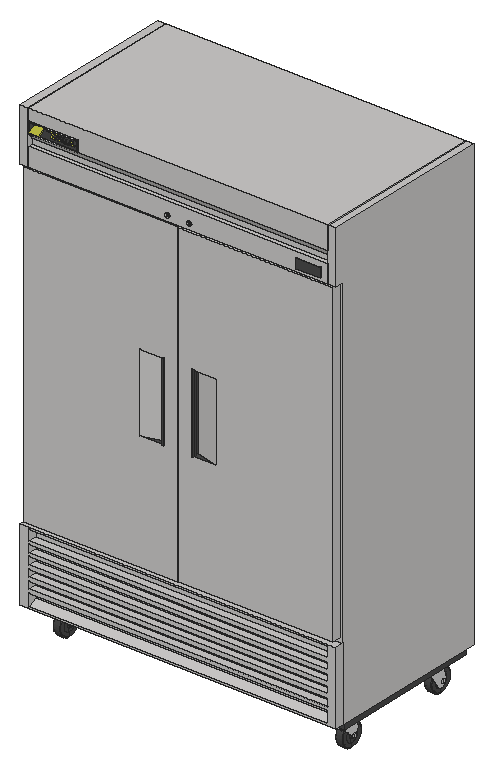
Revit family "QF_TRUE_T-49-HC_cat", category Specialty Equipment, Revit 2014
Parameters
  Width = 54 1/8"
  Weight = "400"
  Watts = Volts * FL Amps  # 1104 W
  Volts = 115 V
  URL Manufacturer = "www.truemfg.com"
  URL Cutsheet = "www.truemfg.com"
  URL = "www.truemfg.com"
  Type Mark [instance] = ""
  Type Comments = "www.truemfg.com"
  Status [instance] = ""
  Specification by User [instance] = ""
  Specification by Manufacturer = ""
  Show Seismic Flanged [instance] = no
  Show Logo [instance] = yes
  Show Legs [instance] = no
  Show Clearance [instance] = yes
  Serial Number = ""
  Seismic Rating = ""
  Seismic Plate [instance] = and(Show Seismic Flanged, not(Show Casters))  # no
  SMACNA No = ""
  Revision Code [instance] = ""
  Phase = 1
  Omniclass Number and Title = ""
  Number of Poles [instance] = 1
  NAFEM Spec ID Number = ""
  Model = "T-49-HC"
  Min Ckt Ampacity = 0 A
  Max Overcurrent Protection = 0 A
  MasterSpec. = ""
  Manufacturer = "TRUE FOOD SERVICE EQUIPMENT, INC."
  Legs [instance] = or(Show Legs, Show Seismic Flanged)  # no
  Item Number [instance] = ""
  Installed By [instance] = ""
  Identify Quantity as Lot [instance] = yes
  Height = 83 5/16"
  HP = "1/2"
  Furnished By [instance] = ""
  Foodservice Equipment Identifier [instance] = yes
  FL Amps = 9.6 A
  Electrical Remarks [instance] = "230-240/50/1"
  Electric Connection Type [instance] = ""
  Elec Conn RI Height [instance] = 0"
  Elec Conn Connection Height [instance] = 0"
  Description = "REACH-IN SOLID SWING DOOR REFRIGERATOR WITH HYDROCARBON REFRIGERANT"
  Depth = 29 1/2"
  Cycle = 60 Hz
  Conn Plug = "NEMA-5-15P"
  Conn Conduit = yes
  Show Casters [instance] = and(not(Show Legs), not(Show Seismic Flanged))  # yes
  CSI MasterFormat = ""
  CSI Master Format = ""
  Body Finish = QF_Finishes_Stainless Steel
  Base Height [instance] = if(Show Casters, 5", 6")  # 5"
  Apparent Power = if(Phase = 3, Volts * FL Amps * 1.73, Volts * FL Amps)  # 1104 VA
Reference planes (in)
  plane 1 "BACK": y = 0
  plane 2: z = 0
  plane 3 "LEFT": x = 0
  plane 4 "RIGHT": x = 54.125
  plane 5 "x": y = -31.09375
  plane 6 "TOP": z = 84.3125
  plane 7: z = 5
  plane 8 "FRONT": y = -29.5
  plane 9: z = 83.3125
Forms (in)
  Revolve 1, solid, material "QF_Finishes_Black", visible <- "Show Casters"
    sketch origin (53.28125, -23.20176, 0.5) x (-1, 0, 0) y (0, 0, -1)
      loop
        line (1.475, -3.5) -> (2.525, -3.5) -> (2.62908, -3.39592) -> (2.62908, -2.79941) -> (2.46399, -2.79941) -> (2.46399, -2.04941) -> (2.62908, -2.04941) -> (2.62908, -1.79941) -> (3.025, -1.79941) -> (3.025, -1.5) -> (0.975, -1.5) -> (0.975, -1.79941) -> (1.375, -1.79941) -> (1.375, -2.04941) -> (1.53601, -2.04941) -> (1.53601, -2.79941) -> (1.375, -2.79941) -> (1.375, -3.4) -> (1.475, -3.5)
      axis (3.025, -1.5) -> (0.975, -1.5)
    angle from 0 to 360
  Extrusion 2, solid, material "QF_Finishes_Handrails and Railings", visible <- "Show Casters"
    sketch origin (53.28125, -2.93273, 0.00141) x (0, 1, 0) y (0, 0, -1)
      loop
        line (-22.72048, -4.36074) -> (-19.97048, -4.36074) -> (-19.32266, -3.00185)
        arc (-19.32266, -3.00185) -> (-19.76408, -2.15178) -> (-20.72128, -2.18736) r 0.8952
        line (-20.72128, -2.18736) -> (-22.47048, -3.75589) -> (-22.72048, -3.75589) -> (-22.72048, -4.36074)
      loop
        line (-3.8577, -4.36074) -> (-1.1077, -4.36074) -> (-0.49013, -2.16805)
        arc (-0.49013, -2.16805) -> (-0.83033, -1.19773) -> (-1.8585, -1.18736) r 0.8952
        line (-1.8585, -1.18736) -> (-3.6077, -3.75589) -> (-3.8577, -3.75589) -> (-3.8577, -4.36074)
    from 1.175 to 1.325
  Extrusion 3, solid, material "QF_Finishes_Handrails and Railings", visible <- "Show Casters"
    sketch origin (51.78125, -2.93273, 0.00141) x (0, 1, 0) y (0, 0, -1)
      loop
        line (-22.72048, -4.36074) -> (-19.97048, -4.36074) -> (-19.32266, -3.00185)
        arc (-19.32266, -3.00185) -> (-19.76408, -2.15178) -> (-20.72128, -2.18736) r 0.8952
        line (-20.72128, -2.18736) -> (-22.47048, -3.75589) -> (-22.72048, -3.75589) -> (-22.72048, -4.36074)
      loop
        line (-3.8577, -4.36074) -> (-1.1077, -4.36074) -> (-0.49013, -2.16805)
        arc (-0.49013, -2.16805) -> (-0.83033, -1.19773) -> (-1.8585, -1.18736) r 0.8952
        line (-1.8585, -1.18736) -> (-3.6077, -3.75589) -> (-3.8577, -3.75589) -> (-3.8577, -4.36074)
    from 1.175 to 1.325
  Revolve 4, solid, material "QF_Finishes_Chrome - Satin", visible <- "Show Casters"
    sketch origin (53.28125, -24.38926, -1.49859) x (-1, 0, 0) y (0, 0, -1)
      loop
        line (2, -6.49859) -> (2, -5.86074) -> (0.70293, -5.86074) -> (0.70293, -6.49859) -> (2, -6.49859)
      axis (2, -5.86074) -> (2, -6.49859)
    angle from 0 to 360
  Revolve 5, solid, material "QF_Finishes_Chrome - Satin", visible <- "Show Casters"
    sketch origin (53.28125, -5.63594, -0.49859) x (-1, 0, 0) y (0, 0, -1)
      loop
        line (2, -4.86074) -> (0.70293, -4.86074) -> (0.70293, -5.49859) -> (2, -5.49859) -> (2, -4.86074)
      axis (2, -4.86074) -> (2, -5.49859)
    angle from 0 to 360
  Extrusion 6, solid, material "QF_Finishes_Handrails and Railings", visible <- "Show Casters"
    sketch origin (101.0625, -2.93273, 0.00141) x (0, 1, 0) y (0, 0, -1)
      loop
        line (-3.8577, -4.36074) -> (-1.1077, -4.36074) -> (-1.07167, -4.06727) -> (-3.6077, -3.75589) -> (-3.8577, -3.75589) -> (-3.8577, -4.36074)
      loop
        line (-22.72048, -4.36074) -> (-19.97048, -4.36074) -> (-19.93445, -4.06727) -> (-22.47048, -3.75589) -> (-22.72048, -3.75589) -> (-22.72048, -4.36074)
    from 49.10625 to 50.45625
  Revolve 7, solid, material "QF_Finishes_Black", visible <- "Show Casters"
    sketch origin (53.28125, -4.15148, 0.5) x (-1, 0, 0) y (0, 0, -1)
      loop
        line (1.475, -3.5) -> (2.525, -3.5) -> (2.62908, -3.39592) -> (2.62908, -2.79941) -> (2.46399, -2.79941) -> (2.46399, -2.04941) -> (2.62908, -2.04941) -> (2.62908, -1.79941) -> (3.025, -1.79941) -> (3.025, -1.5) -> (0.975, -1.5) -> (0.975, -1.79941) -> (1.375, -1.79941) -> (1.375, -2.04941) -> (1.53601, -2.04941) -> (1.53601, -2.79941) -> (1.375, -2.79941) -> (1.375, -3.4) -> (1.475, -3.5)
      axis (3.025, -1.5) -> (0.975, -1.5)
    angle from 0 to 360
  Revolve 8, solid, material "QF_Finishes_Black", visible <- "Show Casters"
    sketch origin (0.84375, -23.20176, 0.5) x (1, 0, 0) y (0, 0, 1)
      loop
        line (1.475, 3.5) -> (1.375, 3.4) -> (1.375, 2.79941) -> (1.53601, 2.79941) -> (1.53601, 2.04941) -> (1.375, 2.04941) -> (1.375, 1.79941) -> (0.975, 1.79941) -> (0.975, 1.5) -> (3.025, 1.5) -> (3.025, 1.79941) -> (2.62908, 1.79941) -> (2.62908, 2.04941) -> (2.46399, 2.04941) -> (2.46399, 2.79941) -> (2.62908, 2.79941) -> (2.62908, 3.39592) -> (2.525, 3.5) -> (1.475, 3.5)
      axis (3.025, 1.5) -> (0.975, 1.5)
    angle from 0 to 360
  Extrusion 9, solid, material "QF_Finishes_Handrails and Railings", visible <- "Show Casters"
    sketch origin (0.84375, -2.93273, 0.00141) x (0, 1, 0) y (0, 0, 1)
      loop
        line (-22.72048, 4.36074) -> (-22.72048, 3.75589) -> (-22.47048, 3.75589) -> (-20.72128, 2.18736)
        arc (-20.72128, 2.18736) -> (-19.76408, 2.15178) -> (-19.32266, 3.00185) r 0.8952
        line (-19.32266, 3.00185) -> (-19.97048, 4.36074) -> (-22.72048, 4.36074)
      loop
        line (-3.8577, 4.36074) -> (-3.8577, 3.75589) -> (-3.6077, 3.75589) -> (-1.8585, 2.18736)
        arc (-1.8585, 2.18736) -> (-0.83033, 2.19773) -> (-0.49013, 3.16805) r 0.8952
        line (-0.49013, 3.16805) -> (-1.1077, 4.36074) -> (-3.8577, 4.36074)
    from 1.175 to 1.325
  Revolve 10, solid, material "QF_Finishes_Chrome - Satin", visible <- "Show Casters"
    sketch origin (0.84375, -24.38926, -1.49859) x (1, 0, 0) y (0, 0, 1)
      loop
        line (2, 6.49859) -> (0.70293, 6.49859) -> (0.70293, 5.86074) -> (2, 5.86074) -> (2, 6.49859)
      axis (2, 5.86074) -> (2, 6.49859)
    angle from 0 to 360
  Revolve 11, solid, material "QF_Finishes_Chrome - Satin", visible <- "Show Casters"
    sketch origin (0.84375, -5.63594, -0.49859) x (1, 0, 0) y (0, 0, 1)
      loop
        line (2, 4.86074) -> (2, 5.49859) -> (0.70293, 5.49859) -> (0.70293, 4.86074) -> (2, 4.86074)
      axis (2, 4.86074) -> (2, 5.49859)
    angle from 0 to 360
  Extrusion 12, solid, material "QF_Finishes_Handrails and Railings", visible <- "Show Casters"
    sketch origin (-46.9375, -2.93273, 0.00141) x (0, 1, 0) y (0, 0, 1)
      loop
        line (-3.8577, 4.36074) -> (-3.8577, 3.75589) -> (-3.6077, 3.75589) -> (-1.07167, 4.06727) -> (-1.1077, 4.36074) -> (-3.8577, 4.36074)
      loop
        line (-22.72048, 4.36074) -> (-22.72048, 3.75589) -> (-22.47048, 3.75589) -> (-19.93445, 4.06727) -> (-19.97048, 4.36074) -> (-22.72048, 4.36074)
    from 49.10625 to 50.45625
  Revolve 13, solid, material "QF_Finishes_Black", visible <- "Show Casters"
    sketch origin (0.84375, -4.15148, 0.5) x (1, 0, 0) y (0, 0, 1)
      loop
        line (1.475, 3.5) -> (1.375, 3.4) -> (1.375, 2.79941) -> (1.53601, 2.79941) -> (1.53601, 2.04941) -> (1.375, 2.04941) -> (1.375, 1.79941) -> (0.975, 1.79941) -> (0.975, 1.5) -> (3.025, 1.5) -> (3.025, 1.79941) -> (2.62908, 1.79941) -> (2.62908, 2.04941) -> (2.46399, 2.04941) -> (2.46399, 2.79941) -> (2.62908, 2.79941) -> (2.62908, 3.39592) -> (2.525, 3.5) -> (1.475, 3.5)
      axis (3.025, 1.5) -> (0.975, 1.5)
    angle from 0 to 360
  Revolve 14, solid, material "QF_Finishes_Stainless Steel" <- "Body Finish", visible <- "Legs"
    sketch origin (0.84375, -23.09219, 0) x (1, 0, 0) y (0, 0, 1)
      loop
        line (2, 5) -> (0.68084, 5) -> (1.25, 1) -> (1.5, 1) -> (1.5, 0) -> (2, 0) -> (2, 5)
      axis (2, 0) -> (2, 5)
    angle from 0 to 360
  Revolve 15, solid, material "QF_Finishes_Stainless Steel" <- "Body Finish", visible <- "Legs"
    sketch origin (0.84375, -4.15148, 0) x (1, 0, 0) y (0, 0, -1)
      loop
        line (2, -5) -> (2, 0) -> (1.5, 0) -> (1.5, -1) -> (1.25, -1) -> (0.68084, -5) -> (2, -5)
      axis (2, 0) -> (2, -5)
    angle from 0 to 360
  Extrusion 16, solid, material "QF_Finishes_Stainless Steel" <- "Body Finish", visible <- "Seismic Plate"
    sketch origin (-0.22541, -2.45732, 0) x (1, 0, 0) y (0, 1, 0)
      loop
        circle (3.06916, -1.69416) r 1.5
    from 0 to 0.25
  Extrusion 17, solid, material "QF_Finishes_Stainless Steel" <- "Body Finish", visible <- "Seismic Plate"
    sketch origin (-0.22541, -21.39804, 0) x (1, 0, 0) y (0, 1, 0)
      loop
        circle (3.06916, -1.69416) r 1.5
    from 0 to 0.25
  Revolve 18, solid, material "QF_Finishes_Stainless Steel" <- "Body Finish", visible <- "Legs"
    sketch origin (53.28125, -23.09219, 0) x (-1, 0, 0) y (0, 0, -1)
      loop
        line (2, -5) -> (2, 0) -> (1.5, 0) -> (1.5, -1) -> (1.25, -1) -> (0.68084, -5) -> (2, -5)
      axis (2, 0) -> (2, -5)
    angle from 0 to 360
  Revolve 19, solid, material "QF_Finishes_Stainless Steel" <- "Body Finish", visible <- "Legs"
    sketch origin (53.28125, -4.15148, 0) x (-1, 0, 0) y (0, 0, 1)
      loop
        line (2, 5) -> (0.68084, 5) -> (1.25, 1) -> (1.5, 1) -> (1.5, 0) -> (2, 0) -> (2, 5)
      axis (2, 0) -> (2, 5)
    angle from 0 to 360
  Extrusion 20, solid, material "QF_Finishes_Stainless Steel" <- "Body Finish", visible <- "Seismic Plate"
    sketch origin (54.35041, -2.45732, 0) x (-1, 0, 0) y (0, -1, 0)
      loop
        circle (3.06916, 1.69416) r 1.5
    from 0 to 0.25
  Extrusion 21, solid, material "QF_Finishes_Stainless Steel" <- "Body Finish", visible <- "Seismic Plate"
    sketch origin (54.35041, -21.39804, 0) x (-1, 0, 0) y (0, -1, 0)
      loop
        circle (3.06916, 1.69416) r 1.5
    from 0 to 0.25
  Extrusion 22, solid, material "QF_Finishes_Chrome - Satin"
    sketch origin (0, 0, 0) x (1, 0, 0) y (0, 0, 1)
      loop
        circle (6.0625, 12) r 0.25
    from 0 to 0.0625
  Extrusion 23, solid, material "QF_Finishes_Handrails and Railings", visible <- "Show Casters"
    sketch origin (4.84375, -2.93273, 0.00141) x (0, 1, 0) y (0, 0, -1)
      loop
        line (-22.72048, -4.36074) -> (-19.97048, -4.36074) -> (-19.32266, -3.00185)
        arc (-19.32266, -3.00185) -> (-19.76408, -2.15178) -> (-20.72128, -2.18736) r 0.8952
        line (-20.72128, -2.18736) -> (-22.47048, -3.75589) -> (-22.72048, -3.75589) -> (-22.72048, -4.36074)
      loop
        line (-3.8577, -4.36074) -> (-1.1077, -4.36074) -> (-0.49013, -3.16805)
        arc (-0.49013, -3.16805) -> (-0.83033, -2.19773) -> (-1.8585, -2.18736) r 0.8952
        line (-1.8585, -2.18736) -> (-3.6077, -3.75589) -> (-3.8577, -3.75589) -> (-3.8577, -4.36074)
    from 1.175 to 1.325
Lines and regions (in)
  symbolic lines, style "SpecialityEquipmentHiddenLines", visible <- "Show Casters"
    curve 1: line (1.38909, -5.62103, 0) -> (2.29841, -6.14603, 0)
    curve 2: line (3.38909, -2.15693, 0) -> (1.38909, -5.62103, 0)
    curve 3: line (4.29841, -2.68193, 0) -> (3.38909, -2.15693, 0)
    curve 4: line (2.29841, -6.14603, 0) -> (4.29841, -2.68193, 0)
    curve 5: line (49.82659, -5.62103, 0) -> (50.73591, -6.14603, 0)
    curve 6: line (51.82659, -2.15693, 0) -> (49.82659, -5.62103, 0)
    curve 7: line (52.73591, -2.68193, 0) -> (51.82659, -2.15693, 0)
    curve 8: line (50.73591, -6.14603, 0) -> (52.73591, -2.68193, 0)
    curve 9: line (1.38909, -24.67131, 0) -> (2.29841, -25.19631, 0)
    curve 10: line (3.38909, -21.20721, 0) -> (1.38909, -24.67131, 0)
    curve 11: line (4.29841, -21.73221, 0) -> (3.38909, -21.20721, 0)
    curve 12: line (2.29841, -25.19631, 0) -> (4.29841, -21.73221, 0)
    curve 13: line (49.82659, -24.67131, 0) -> (50.73591, -25.19631, 0)
    curve 14: line (51.82659, -21.20721, 0) -> (49.82659, -24.67131, 0)
    curve 15: line (52.73591, -21.73221, 0) -> (51.82659, -21.20721, 0)
    curve 16: line (50.73591, -25.19631, 0) -> (52.73591, -21.73221, 0)
Dimensions and locks (in)
  "Width": plane 3 "LEFT" to plane 4 "RIGHT"
  "Base Height": plane 7 to level
  locked: plane 7 to Revolve 8 sketch curve at 3
  locked: plane 7 to Revolve 13 sketch curve at 3
  plane 1 "BACK" to plane 5 "x" = 31 3/32"
  Extrusion 22 sketch curve to Extrusion 22 sketch curve to plane 7 = 1/2" locked, 6 3/4" locked
  "Height": nested 1 to level
  "Depth": plane 8 "FRONT" to plane 1 "BACK"
  plane 5 "x" to plane 1 "BACK" = 31 3/32"
  aligned and locked: level to plane 2
  aligned and locked: plane 7 to Revolve 4  (x2)
  aligned and locked: Revolve 4 to Extrusion 3
  aligned and locked: Revolve 11 to Revolve 10
  aligned and locked: Revolve 10 to plane 7  (x2)
  aligned and locked: Revolve 11 to plane 7
  aligned and locked: Revolve 5 to Revolve 4
  aligned and locked: plane 7 to Revolve 5
  aligned and locked: plane 1 "BACK" to nested 1
  aligned and locked: plane 3 "LEFT" to nested 1
  aligned and locked: plane 7 to nested 1
Automatic sketch dimensions
  Revolve 1 sketch curve to plane 4 "RIGHT" = 1.33602"
  Revolve 1 sketch curve to Revolve 1 sketch curve = 0.48273"
  Revolve 1 sketch curve to Revolve 1 sketch curve = 0.4"  (x2)
  Revolve 1 sketch curve to Revolve 1 sketch curve = 0.1"  (x2)
  Revolve 1 sketch curve to Revolve 1 sketch curve = 0.16101"
  Revolve 1 sketch curve to Revolve 1 sketch curve = 0.59307"
  Revolve 1 sketch curve to Revolve 1 sketch curve = 0.92798"
  Revolve 1 sketch curve to Revolve 1 sketch curve = 0.06101"
  Revolve 1 sketch curve to Revolve 1 sketch curve = 0.16509"  (x2)
  Revolve 1 sketch curve to Revolve 1 sketch curve = 0.39592"
  Revolve 1 sketch curve to plane 7 = 1"
  Revolve 1 sketch curve to Revolve 1 sketch curve = 0.10408"
  Revolve 1 sketch curve to Revolve 1 sketch curve = 0.59652"
  Revolve 1 sketch curve to Revolve 1 sketch curve = 0.60059"
  Revolve 1 sketch curve to Revolve 1 sketch curve = 3/4"  (x2)
  Revolve 1 sketch curve to Revolve 1 sketch curve = 1/4"  (x2)
  Revolve 1 sketch curve to Revolve 1 sketch curve = 0.29941"  (x2)
  Extrusion 2 sketch curve to plane 7 = 1.24271"  (x2)
  Extrusion 2 sketch curve to plane 5 "x" = 5.44054"
  Extrusion 2 sketch curve to Extrusion 2 sketch curve = 1/4"  (x2)
  level to Extrusion 2 sketch curve = 2.18876"
  Extrusion 2 sketch curve to Extrusion 2 sketch curve = 1.7492"  (x2)
  Extrusion 2 sketch curve to Extrusion 2 sketch curve = 0.50669"  (x2)
  Extrusion 2 sketch curve to plane 7 = 0.63785"  (x2)
  Extrusion 2 sketch curve to Extrusion 2 sketch curve = 0.24411"  (x2)
  Extrusion 2 sketch curve to Extrusion 2 sketch curve = 0.89192"
  plane 1 "BACK" to Extrusion 2 sketch curve = 6.79043"
  level to Extrusion 2 sketch curve = 1.18876"
  Extrusion 2 sketch curve to Extrusion 2 sketch curve = 0.86168"
  Extrusion 2 sketch curve to Extrusion 2 sketch curve = 1.35889"
  Extrusion 2 sketch curve to Extrusion 2 sketch curve = 0.98069"
  Extrusion 3 sketch curve to plane 7 = 1.24271"  (x2)
  Extrusion 3 sketch curve to plane 5 "x" = 5.44054"
  Extrusion 3 sketch curve to Extrusion 3 sketch curve = 1/4"  (x2)
  level to Extrusion 3 sketch curve = 2.18876"
  Extrusion 3 sketch curve to Extrusion 3 sketch curve = 1.7492"  (x2)
  Extrusion 3 sketch curve to Extrusion 3 sketch curve = 0.50669"  (x2)
  Extrusion 3 sketch curve to plane 7 = 0.63785"  (x2)
  Extrusion 3 sketch curve to Extrusion 3 sketch curve = 0.24411"  (x2)
  Extrusion 3 sketch curve to Extrusion 3 sketch curve = 0.89192"
  plane 1 "BACK" to Extrusion 3 sketch curve = 6.79043"
  level to Extrusion 3 sketch curve = 1.18876"
  Extrusion 3 sketch curve to Extrusion 3 sketch curve = 0.86168"
  Extrusion 3 sketch curve to Extrusion 3 sketch curve = 1.35889"
  Extrusion 3 sketch curve to Extrusion 3 sketch curve = 0.98069"
  Revolve 4 sketch curve to plane 7 = 0"
  Revolve 4 sketch curve to plane 4 "RIGHT" = 1.54668"
  Revolve 4 sketch curve to Revolve 4 sketch curve = 1.29707"
  Revolve 4 sketch curve to Revolve 4 sketch curve = 0"
  Revolve 4 sketch curve to Revolve 4 sketch curve = 0.26909"
  Revolve 4 sketch curve to plane 7 = 0.63785"
  Revolve 4 sketch curve to Revolve 4 sketch curve = 0.09306"
  Revolve 5 sketch curve to plane 7 = 0"
  Revolve 5 sketch curve to plane 7 = 0.63785"
  Revolve 5 sketch curve to plane 4 "RIGHT" = 1.54668"
  Revolve 5 sketch curve to Revolve 5 sketch curve = 1.29707"
  Revolve 5 sketch curve to Revolve 5 sketch curve = 0"
  plane 7 to Revolve 5 sketch curve = 0.26909"
  Revolve 5 sketch curve to Revolve 5 sketch curve = 0.09306"
  Extrusion 6 sketch curve to plane 7 = 0.63785"  (x2)
  Extrusion 6 sketch curve to plane 5 "x" = 5.44054"
  Extrusion 6 sketch curve to plane 7 = 1.24271"  (x2)
  Extrusion 6 sketch curve to Extrusion 6 sketch curve = 1/4"  (x2)
  Extrusion 6 sketch curve to Extrusion 6 sketch curve = 2 1/2"  (x2)
  Extrusion 6 sketch curve to plane 7 = 0.93132"  (x2)
  plane 1 "BACK" to Extrusion 6 sketch curve = 6.79043"
  Revolve 7 sketch curve to plane 4 "RIGHT" = 1.33602"
  Revolve 7 sketch curve to Revolve 7 sketch curve = 0.48273"
  Revolve 7 sketch curve to Revolve 7 sketch curve = 0.4"  (x2)
  Revolve 7 sketch curve to Revolve 7 sketch curve = 0.1"  (x2)
  Revolve 7 sketch curve to Revolve 7 sketch curve = 0.16101"
  Revolve 7 sketch curve to Revolve 7 sketch curve = 0.59307"
  Revolve 7 sketch curve to Revolve 7 sketch curve = 0.92798"
  Revolve 7 sketch curve to Revolve 7 sketch curve = 0.06101"
  Revolve 7 sketch curve to Revolve 7 sketch curve = 0.16509"  (x2)
  Revolve 7 sketch curve to Revolve 7 sketch curve = 0.39592"
  Revolve 7 sketch curve to plane 7 = 1"
  Revolve 7 sketch curve to Revolve 7 sketch curve = 0.10408"
  Revolve 7 sketch curve to Revolve 7 sketch curve = 0.59652"
  Revolve 7 sketch curve to Revolve 7 sketch curve = 0.60059"
  Revolve 7 sketch curve to Revolve 7 sketch curve = 3/4"  (x2)
  Revolve 7 sketch curve to Revolve 7 sketch curve = 1/4"  (x2)
  Revolve 7 sketch curve to Revolve 7 sketch curve = 0.29941"  (x2)
  plane 3 "LEFT" to Revolve 8 sketch curve = 1.33602"
  Revolve 8 sketch curve to Revolve 8 sketch curve = 0.48273"
  Revolve 8 sketch curve to Revolve 8 sketch curve = 0.4"  (x2)
  Revolve 8 sketch curve to Revolve 8 sketch curve = 0.1"  (x2)
  Revolve 8 sketch curve to Revolve 8 sketch curve = 0.16101"
  Revolve 8 sketch curve to Revolve 8 sketch curve = 0.59307"
  Revolve 8 sketch curve to Revolve 8 sketch curve = 0.92798"
  Revolve 8 sketch curve to Revolve 8 sketch curve = 0.06101"
  Revolve 8 sketch curve to Revolve 8 sketch curve = 0.16509"  (x2)
  Revolve 8 sketch curve to Revolve 8 sketch curve = 0.39592"
  Revolve 8 sketch curve to Revolve 8 sketch curve = 0"
  Revolve 8 sketch curve to Revolve 8 sketch curve = 0.29941"  (x2)
  Revolve 8 sketch curve to Revolve 8 sketch curve = 1/4"  (x2)
  Revolve 8 sketch curve to Revolve 8 sketch curve = 3/4"  (x2)
  Revolve 8 sketch curve to Revolve 8 sketch curve = 0.59652"
  Revolve 8 sketch curve to Revolve 8 sketch curve = 0.60059"
  Extrusion 9 sketch curve to plane 7 = 1.24271"  (x2)
  Extrusion 9 sketch curve to plane 5 "x" = 5.44054"
  Extrusion 9 sketch curve to Extrusion 9 sketch curve = 1/4"  (x2)
  level to Extrusion 9 sketch curve = 2.18876"  (x2)
  Extrusion 9 sketch curve to Extrusion 9 sketch curve = 1.7492"  (x2)
  Extrusion 9 sketch curve to Extrusion 9 sketch curve = 0.50669"  (x2)
  Extrusion 9 sketch curve to plane 7 = 0.63785"  (x2)
  Extrusion 9 sketch curve to Extrusion 9 sketch curve = 0.24411"  (x2)
  Extrusion 9 sketch curve to Extrusion 9 sketch curve = 0.89192"
  plane 1 "BACK" to Extrusion 9 sketch curve = 6.79043"
  Extrusion 9 sketch curve to Extrusion 9 sketch curve = 0.86168"
  Extrusion 9 sketch curve to Extrusion 9 sketch curve = 0.738"  (x2)
  Revolve 10 sketch curve to plane 7 = 0"
  plane 3 "LEFT" to Revolve 10 sketch curve = 1.54668"
  Revolve 10 sketch curve to Revolve 10 sketch curve = 1.29707"
  Revolve 10 sketch curve to Revolve 10 sketch curve = 0"
  Revolve 10 sketch curve to Revolve 10 sketch curve = 0.63785"
  Revolve 10 sketch curve to Revolve 10 sketch curve = 0.09306"
  plane 7 to Revolve 10 sketch curve = 0.26909"
  Revolve 11 sketch curve to plane 7 = 0"
  Revolve 11 sketch curve to plane 7 = 0.63785"
  plane 3 "LEFT" to Revolve 11 sketch curve = 1.54668"
  Revolve 11 sketch curve to Revolve 11 sketch curve = 1.29707"
  Revolve 11 sketch curve to Revolve 11 sketch curve = 0"
  Revolve 11 sketch curve to Revolve 11 sketch curve = 0.09306"
  Revolve 11 sketch curve to Revolve 11 sketch curve = 0.26909"
  Extrusion 12 sketch curve to plane 7 = 0.63785"  (x2)
  Extrusion 12 sketch curve to plane 5 "x" = 5.44054"
  Extrusion 12 sketch curve to plane 7 = 1.24271"  (x2)
  Extrusion 12 sketch curve to Extrusion 12 sketch curve = 1/4"  (x2)
  Extrusion 12 sketch curve to Extrusion 12 sketch curve = 2 1/2"  (x2)
  Extrusion 12 sketch curve to plane 7 = 0.93132"  (x2)
  plane 1 "BACK" to Extrusion 12 sketch curve = 6.79043"
  plane 3 "LEFT" to Revolve 13 sketch curve = 1.33602"
  Revolve 13 sketch curve to Revolve 13 sketch curve = 0.48273"
  Revolve 13 sketch curve to Revolve 13 sketch curve = 0.4"  (x2)
  Revolve 13 sketch curve to Revolve 13 sketch curve = 0.1"  (x2)
  Revolve 13 sketch curve to Revolve 13 sketch curve = 0.16101"
  Revolve 13 sketch curve to Revolve 13 sketch curve = 0.59307"
  Revolve 13 sketch curve to Revolve 13 sketch curve = 0.92798"
  Revolve 13 sketch curve to Revolve 13 sketch curve = 0.06101"
  Revolve 13 sketch curve to Revolve 13 sketch curve = 0.16509"  (x2)
  Revolve 13 sketch curve to Revolve 13 sketch curve = 0.39592"
  Revolve 13 sketch curve to Revolve 13 sketch curve = 0"
  Revolve 13 sketch curve to Revolve 13 sketch curve = 0.29941"  (x2)
  Revolve 13 sketch curve to Revolve 13 sketch curve = 1/4"  (x2)
  Revolve 13 sketch curve to Revolve 13 sketch curve = 3/4"  (x2)
  Revolve 13 sketch curve to Revolve 13 sketch curve = 0.59652"
  Revolve 13 sketch curve to Revolve 13 sketch curve = 0.60059"
  Revolve 14 sketch curve to plane 7 = 0"
  Revolve 14 sketch curve to level = 0"
  plane 3 "LEFT" to Revolve 14 sketch curve = 1.52459"
  level to Revolve 14 sketch curve = 1"
  plane 3 "LEFT" to Revolve 14 sketch curve = 2 3/32"
  Revolve 14 sketch curve to Revolve 14 sketch curve = 1/4"
  Revolve 14 sketch curve to Revolve 14 sketch curve = 1/2"  (x2)
  Revolve 14 sketch curve to Revolve 14 sketch curve = 0"
  plane 7 to Revolve 14 sketch curve = 1 29/32"
  Revolve 15 sketch curve to plane 7 = 0"
  Revolve 15 sketch curve to level = 0"
  plane 3 "LEFT" to Revolve 15 sketch curve = 1.52459"
  level to Revolve 15 sketch curve = 1"
  plane 3 "LEFT" to Revolve 15 sketch curve = 2 3/32"
  Revolve 15 sketch curve to Revolve 15 sketch curve = 1/4"
  Revolve 15 sketch curve to Revolve 15 sketch curve = 1/2"  (x2)
  Revolve 15 sketch curve to Revolve 15 sketch curve = 0"
  plane 7 to Revolve 15 sketch curve = 1 29/32"
  plane 3 "LEFT" to Extrusion 16 sketch curve = 2 27/32"
  plane 1 "BACK" to Extrusion 16 sketch curve = 4.15148"
  plane 3 "LEFT" to Extrusion 17 sketch curve = 2 27/32"
  Extrusion 17 sketch curve to plane 5 "x" = 8.00156"
  Revolve 18 sketch curve to plane 7 = 0"
  Revolve 18 sketch curve to level = 0"
  Revolve 18 sketch curve to plane 4 "RIGHT" = 1.52459"
  level to Revolve 18 sketch curve = 1"
  Revolve 18 sketch curve to plane 4 "RIGHT" = 2 3/32"
  Revolve 18 sketch curve to Revolve 18 sketch curve = 1/4"
  Revolve 18 sketch curve to Revolve 18 sketch curve = 1/2"  (x2)
  Revolve 18 sketch curve to Revolve 18 sketch curve = 0"
  plane 7 to Revolve 18 sketch curve = 1 29/32"
  Revolve 19 sketch curve to plane 7 = 0"
  Revolve 19 sketch curve to level = 0"
  Revolve 19 sketch curve to plane 4 "RIGHT" = 1.52459"
  level to Revolve 19 sketch curve = 1"
  Revolve 19 sketch curve to plane 4 "RIGHT" = 2 3/32"
  Revolve 19 sketch curve to Revolve 19 sketch curve = 1/4"
  Revolve 19 sketch curve to Revolve 19 sketch curve = 1/2"  (x2)
  Revolve 19 sketch curve to Revolve 19 sketch curve = 0"
  plane 7 to Revolve 19 sketch curve = 1 29/32"
  Extrusion 20 sketch curve to plane 4 "RIGHT" = 2 27/32"
  plane 1 "BACK" to Extrusion 20 sketch curve = 4.15148"
  Extrusion 21 sketch curve to plane 4 "RIGHT" = 2 27/32"
  Extrusion 21 sketch curve to plane 5 "x" = 8.00156"
  plane 3 "LEFT" to Extrusion 22 sketch curve = 6 1/16"
  Extrusion 23 sketch curve to plane 7 = 1.24271"  (x2)
  Extrusion 23 sketch curve to plane 5 "x" = 5.44054"
  Extrusion 23 sketch curve to Extrusion 23 sketch curve = 1/4"  (x2)
  level to Extrusion 23 sketch curve = 2.18876"
  Extrusion 23 sketch curve to Extrusion 23 sketch curve = 1.7492"  (x2)
  Extrusion 23 sketch curve to Extrusion 23 sketch curve = 0.50669"  (x2)
  Extrusion 23 sketch curve to plane 7 = 0.63785"  (x2)
  Extrusion 23 sketch curve to Extrusion 23 sketch curve = 0.24411"  (x2)
  Extrusion 23 sketch curve to Extrusion 23 sketch curve = 0.89192"
  plane 1 "BACK" to Extrusion 23 sketch curve = 6.79043"
  Extrusion 23 sketch curve to Extrusion 23 sketch curve = 0.86168"
  Extrusion 23 sketch curve to Extrusion 23 sketch curve = 1.19269"
  Extrusion 23 sketch curve to Extrusion 23 sketch curve = 1.35889"
  Extrusion 23 sketch curve to Extrusion 23 sketch curve = 0.24269"
  plane 3 "LEFT" to curve 2 = 1.38909"
  plane 3 "LEFT" to curve 10 = 1.38909"
  curve 1 to curve 1 = 0.90933"
  curve 9 to curve 9 = 0.90933"
  plane 3 "LEFT" to curve 2 = 3.38909"
  plane 3 "LEFT" to curve 11 = 3.38909"
  curve 13 to plane 4 "RIGHT" = 4.29841"
  curve 6 to plane 4 "RIGHT" = 4.29841"
  curve 13 to curve 13 = 0.90933"
  curve 5 to curve 8 = 0.90933"
  curve 15 to plane 4 "RIGHT" = 2.29841"
  curve 7 to plane 4 "RIGHT" = 2.29841"
  curve 13 to curve 14 = 0.525"
  curve 9 to curve 10 = 0.525"
  plane 1 "BACK" to curve 8 = 6.14603"
  plane 1 "BACK" to curve 1 = 6.14603"
  curve 5 to curve 6 = 0.525"
  curve 1 to curve 2 = 0.525"
  curve 14 to plane 5 "x" = 9.88654"
  curve 11 to plane 5 "x" = 9.88654"
  radius of Extrusion 16 sketch curve = 1 1/2"
  radius of Extrusion 17 sketch curve = 1 1/2"
  radius of Extrusion 20 sketch curve = 1 1/2"
  radius of Extrusion 21 sketch curve = 1 1/2"
Nested families (in)
  nested 1: "T-49-2" at (0, 0, -1), Logo <- "Show Logo", Show Clearance <- "Show Clearance", type "T-49-2"
    with Type Mark "", Specification by User "", Show Clearance yes, Revision Code "", Logo yes, Item Number "", Installed By "", Identify Quantity as Lot yes, Furnished By "", Foodservice Equipment Identifier yes
Connectors (in)
  electrical at (6.0625, 0, 12), driven by "Volts", driven by "Watts"
    settings: on Extrusion 22, index 1, voltage 115 V, apparent load 1104 VA, apparent load phase1 0 VA, apparent load phase2 0 VA, apparent load phase3 0 VA, power factor 1, load classification "Other", number of poles 1, system type 30, power factor state 1, is connector primary yes, connector utility no, sub classification motor no, connector description "ELECTRICAL CONNECTION"
Definition of nested family "T-49-2"
  Parameters (values of type "T-49")
    URL = "www.truemfg.com"
    Type Mark [instance] = ""
    Type Comments = "www.truemfg.com"
    Specification by User [instance] = ""
    Specification by Manufacturer = ""
    Show Clearance [instance] = yes
    Serial Number = ""
    Seismic Rating = ""
    SMACNA No = ""
    Revision Code [instance] = ""
    Omniclass Number and Title = ""
    NAFEM Spec ID Number = ""
    Model = ""
    MasterSpec. = ""
    Manufacturer = ""
    Logo [instance] = yes
    Item Number [instance] = ""
    Installed By [instance] = ""
    Identify Quantity as Lot [instance] = yes
    Furnished By [instance] = ""
    Foodservice Equipment Identifier [instance] = yes
    Description = ""
    CSI MasterFormat = ""
    CSI Master Format = ""
    Assembly Code = ""
  Reference planes (in)
    plane 1 "BACK": y = 0
    plane 2: z = 0
    plane 3 "LEFT": x = 0
    plane 4 "RIGHT": x = 54.125
    plane 5 "FRONT": y = -29.50108
    plane 6 "TOP": z = 84.3125
    plane 7: z = 6
    plane 8: z = 82.38175
  Forms (in)
    Extrusion 1, solid, material "QF_Metal-Stainless-Satin"
      sketch origin (0, 0, 0) x (0, 1, 0) y (0, 0, 1)
        loop
          line (-28, 7.375) -> (0, 7.375) -> (0, 84.3125) -> (-29.50108, 84.3125) -> (-29.50108, 80.37908) -> (-28.68032, 79.24295) -> (-28.68032, 78.38911) -> (-29.50108, 78.38911) -> (-29.50108, 75.25) -> (-2.5, 75.25) -> (-2.5, 21) -> (-28, 21) -> (-28, 7.375)
      from 1.33114 to 52.79386
    Extrusion 2, solid, material "QF_Metal-Stainless-Satin"
      sketch origin (0, 3, 0.40625) x (1, 0, 0) y (0, 0, 1)
        loop
          line (0.6875, 20.09375) -> (27.0625, 20.09375) -> (27.0625, 74.59375) -> (0.6875, 74.59375) -> (0.6875, 20.09375)
        loop
          line (53.5625, 20.09375) -> (53.5625, 74.59375) -> (27.1875, 74.59375) -> (27.1875, 20.09375) -> (53.5625, 20.09375)
      from 31 to 32.50108
    Extrusion 3, solid, material "QF_Metal-Stainless-Satin"
      sketch origin (0, 0, 0) x (0, 1, 0) y (0, 0, 1)
        loop
          line (-28, 18.84404) -> (-28, 19.875) -> (-29.5, 19.875) -> (-29.5, 19.625) -> (-28, 18.84404)
        loop
          line (-29.49892, 7.63076) -> (-29.49892, 7.375) -> (-28, 7.375) -> (-28, 8.41116) -> (-29.49892, 7.63076)
        loop
          line (-28, 11.30682) -> (-28, 12.22667) -> (-29.50108, 12.22667) -> (-29.50108, 11.70903) -> (-28, 11.30682)
        loop
          line (-28, 13.16507) -> (-28, 14.08493) -> (-29.50108, 14.08493) -> (-29.50108, 13.56729) -> (-28, 13.16507)
        loop
          line (-28, 15.02333) -> (-28, 15.94318) -> (-29.50108, 15.94318) -> (-29.50108, 15.42554) -> (-28, 15.02333)
        loop
          line (-28, 16.88158) -> (-28, 17.80143) -> (-29.50108, 17.80143) -> (-29.50108, 17.28379) -> (-28, 16.88158)
        loop
          line (-28, 9.44857) -> (-28, 10.36842) -> (-29.50108, 10.36842) -> (-29.50108, 9.85078) -> (-28, 9.44857)
      from 0.5625 to 53.5625
    Extrusion 4, solid, material "QF_Metal-Stainless-Satin"
      sketch origin (0, 0, 0) x (1, 0, 0) y (0, 0, 1)
        loop
          line (0, 7.375) -> (1.5, 7.375) -> (1.5, 19.875) -> (0, 19.875) -> (0, 7.375)
        loop
          line (54.125, 7.375) -> (54.125, 19.875) -> (52.79386, 19.875) -> (52.79386, 7.375) -> (54.125, 7.375)
      from 28 to 29.5
    Extrusion 5, solid, material "QF_Metal-Stainless-Satin"
      sketch origin (0, 0, 1.125) x (0, 1, 0) y (0, 0, 1)
        loop
          line (0, 6.25) -> (0, 83.1875) -> (-29.50108, 83.1875) -> (-29.50108, 74.125) -> (-28, 74.125) -> (-28, 6.25) -> (0, 6.25)
      from 0 to 1.33114
    Extrusion 6, solid, material "QF_Metal-Stainless-Satin"
      sketch origin (54.125, 0, 0) x (0, 1, 0) y (0, 0, -1)
        loop
          line (0, -7.375) -> (-28, -7.375) -> (-28, -75.25) -> (-29.50108, -75.25) -> (-29.50108, -84.3125) -> (0, -84.3125) -> (0, -7.375)
      from 0 to 1.33114
    Extrusion 7, solid, material "QF_Finishes_Black"
      sketch origin (0, -29.5, 1) x (1, 0, 0) y (0, 0, 1)
        loop
          line (51.55462, 74.84875) -> (51.55462, 76.4425) -> (47.42962, 76.4425) -> (47.42962, 74.84875) -> (51.55462, 74.84875)
      from 0 to 0.1
    Extrusion 8, solid, material "QF_Wall Paint-Yellow-Matte", visible <- "Logo", detail levels medium+fine
      sketch origin (0.45342, 5.26797, 51.18158) x (1, 0, 0) y (0, 0, 1)
        loop
          line (4.18351, 30.84206) -> (4.10478, 30.67323) -> (5.15208, 30.67323)
          arc (5.15208, 30.67323) -> (5.17333, 30.63564) -> (5.15208, 30.59805) r 0.04386
          line (5.15208, 30.59805) -> (4.87892, 30.01228)
          arc (4.87892, 30.01228) -> (4.87656, 29.95802) -> (4.91325, 29.91798) r 0.07096
          line (4.91325, 29.91798) -> (5.5829, 29.91798)
          arc (5.5829, 29.91798) -> (5.66746, 29.94464) -> (5.72144, 30.01498) r 0.14742
          line (5.72144, 30.01498) -> (5.9364, 30.47597) -> (6.1339, 30.47597)
          arc (6.1339, 30.47597) -> (6.18572, 30.45692) -> (6.17822, 30.40222) r 0.04405
          line (6.17822, 30.40222) -> (5.99835, 30.01649)
          arc (5.99835, 30.01649) -> (6.00115, 29.95243) -> (6.05523, 29.91798) r 0.06943
          line (6.05523, 29.91798) -> (6.64365, 29.91798)
          arc (6.64365, 29.91798) -> (6.68873, 29.93439) -> (6.71272, 29.97594) r 0.07014
          arc (6.71272, 29.97594) -> (6.7297, 29.93495) -> (6.77068, 29.91798) r 0.05796
          line (6.77068, 29.91798) -> (7.14325, 29.91798)
          arc (7.14325, 29.91798) -> (7.18629, 29.92951) -> (7.2178, 29.96102) r 0.08608
          arc (7.2178, 29.96102) -> (7.23289, 29.9246) -> (7.26931, 29.90952) r 0.0515
          line (7.26931, 29.90952) -> (7.79882, 29.90952)
          arc (7.79882, 29.90952) -> (7.84211, 29.92745) -> (7.86005, 29.97074) r 0.06122
          arc (7.86005, 29.97074) -> (7.89973, 29.93105) -> (7.95394, 29.91653) r 0.10842
          line (7.95394, 29.91653) -> (8.94586, 29.91653) -> (9.05604, 30.10737) -> (8.05555, 30.10737)
          arc (8.05555, 30.10737) -> (8.02794, 30.12652) -> (8.02691, 30.16011) r 0.03732
          line (8.02691, 30.16011) -> (8.04422, 30.19722)
          arc (8.04422, 30.19722) -> (8.07079, 30.23203) -> (8.11255, 30.24524) r 0.07263
          line (8.11255, 30.24524) -> (8.43414, 30.24524)
          arc (8.43414, 30.24524) -> (8.50355, 30.26383) -> (8.55436, 30.31465) r 0.13882
          line (8.55436, 30.31465) -> (8.6475, 30.47597)
          arc (8.6475, 30.47597) -> (8.6475, 30.56208) -> (8.57293, 30.60513) r 0.08611
          line (8.57293, 30.60513) -> (8.23352, 30.60513)
          arc (8.23352, 30.60513) -> (8.14699, 30.59044) -> (8.08663, 30.52673) r 0.13863
          line (8.08663, 30.52673) -> (7.92534, 30.18083)
          arc (7.92534, 30.18083) -> (7.87774, 30.1188) -> (7.80316, 30.09528) r 0.13002
          line (7.80316, 30.09528) -> (7.45109, 30.09528)
          arc (7.45109, 30.09528) -> (7.40895, 30.14128) -> (7.41167, 30.2036) r 0.08151
          line (7.41167, 30.2036) -> (7.59891, 30.60513) -> (7.47974, 30.60513) -> (7.28137, 30.17972)
          arc (7.28137, 30.17972) -> (7.24283, 30.12949) -> (7.18244, 30.11046) r 0.10527
          line (7.18244, 30.11046) -> (6.93967, 30.11046)
          arc (6.93967, 30.11046) -> (6.89865, 30.16392) -> (6.90744, 30.23073) r 0.08805
          line (6.90744, 30.23073) -> (7.08203, 30.60513) -> (6.95897, 30.60513) -> (6.75801, 30.17418)
          arc (6.75801, 30.17418) -> (6.71136, 30.12753) -> (6.64764, 30.11046) r 0.12745
          line (6.64764, 30.11046) -> (6.29609, 30.11046)
          arc (6.29609, 30.11046) -> (6.23295, 30.1399) -> (6.22688, 30.2093) r 0.06967
          line (6.22688, 30.2093) -> (6.34243, 30.45711) -> (6.50577, 30.45711)
          arc (6.50577, 30.45711) -> (6.53334, 30.54018) -> (6.592, 30.60513) r 0.21289
          line (6.592, 30.60513) -> (5.95369, 30.60513)
          arc (5.95369, 30.60513) -> (5.88276, 30.58941) -> (5.83367, 30.53584) r 0.12081
          line (5.83367, 30.53584) -> (5.66065, 30.1648)
          arc (5.66065, 30.1648) -> (5.62087, 30.12502) -> (5.56653, 30.11046) r 0.10869
          line (5.56653, 30.11046) -> (5.18545, 30.11046)
          arc (5.18545, 30.11046) -> (5.15571, 30.15065) -> (5.16137, 30.20033) r 0.06822
          line (5.16137, 30.20033) -> (5.41281, 30.67323) -> (6.04721, 30.67323) -> (6.12594, 30.84206) -> (5.49154, 30.84206) -> (5.57027, 31.0109) -> (5.34459, 31.0109) -> (5.26586, 30.84206) -> (4.18351, 30.84206)
        loop
          arc (8.19062, 30.45184) -> (8.16316, 30.44448) -> (8.14305, 30.42438) r 0.05494
          line (8.14305, 30.42438) -> (8.12672, 30.37415)
          arc (8.12672, 30.37415) -> (8.13429, 30.35587) -> (8.15258, 30.34829) r 0.02586
          line (8.15258, 30.34829) -> (8.43014, 30.34829)
          arc (8.43014, 30.34829) -> (8.45013, 30.35273) -> (8.46638, 30.3652) r 0.04731
          line (8.46638, 30.3652) -> (8.47988, 30.4277)
          arc (8.47988, 30.4277) -> (8.47591, 30.44443) -> (8.46039, 30.45184) r 0.01994
          line (8.46039, 30.45184) -> (8.19062, 30.45184)
        loop
          line (1.13539, 29.3975) -> (2.84485, 29.3975) -> (3.77016, 31.00018) -> (2.0607, 31.00018) -> (1.13539, 29.3975)
      from 34.76797 to 34.83173
    Extrusion 9, solid, material "QF_Finishes_Black", visible <- "Logo", detail levels medium+fine
      sketch origin (-64.04867, 5.25, 48.33698) x (1, 0, 0) y (0, 0, 1)
        loop
          line (73.84232, 33.90728) -> (65.51732, 33.90728) -> (65.51732, 32.1796) -> (73.84232, 32.1796) -> (73.84232, 33.90728)
      from 34.75 to 34.78125
    Extrusion 10, solid, material "QF_Plastic-White-Smooth", visible <- "Logo", detail levels medium+fine
      sketch origin (-64.04867, 5.25, 48.33698) x (1, 0, 0) y (0, 0, 1)
        loop
          line (73.97982, 34.04477) -> (65.37982, 34.04477) -> (65.37982, 32.0421) -> (73.97982, 32.0421) -> (73.97982, 34.04477)
        loop
          line (65.51732, 33.90728) -> (65.51732, 32.1796) -> (73.84232, 32.1796) -> (73.84232, 33.90728) -> (65.51732, 33.90728)
      from 34.75108 to 34.81376
    Extrusion 11, solid, material "QF_Metal-Stainless-Satin"
      sketch origin (2.5625, 4, 36.15544) x (1, 0, 0) y (0, 0, 1)
        loop
          circle (22.6875, 40.0625) r 0.35
        loop
          line (22.65235, 40.33635) -> (22.65235, 39.76895) -> (22.70785, 39.76895) -> (22.70785, 40.33635) -> (22.65235, 40.33635)
        loop
          circle (26.4375, 40.0625) r 0.35
        loop
          line (26.47265, 40.33635) -> (26.41715, 40.33635) -> (26.41715, 39.76895) -> (26.47265, 39.76895) -> (26.47265, 40.33635)
      from 33.5 to 33.5625
    Extrusion 12, solid, material "QF_Finishes_Black"
      sketch origin (0, 0, 1) x (0, 1, 0) y (0, 0, 1)
        loop
          line (-1, 6.375) -> (-27, 6.375) -> (-27, 5) -> (-1, 5) -> (-1, 6.375)
      from 0.5 to 53.625
    Extrusion 13, solid, material "QF_Metal-Stainless-Satin"
      sketch origin (0, -27.5, 0) x (1, 0, 0) y (0, 0, 1)
        loop
          line (27.6875, 75) -> (52.79386, 75) -> (52.79386, 75.25) -> (1.33114, 75.25) -> (1.33114, 75) -> (26.5625, 75) -> (26.5625, 21) -> (27.6875, 21) -> (27.6875, 75)
      from 0 to 0.5
    Extrusion 14, void
      sketch origin (0, 0, 29.5) x (-1, 0, 0) y (0, -1, 0)
        loop
          line (-33.6875, 29.50108) -> (-29.4375, 28.31247) -> (-29.4375, 29.00108) -> (-29.6875, 29.00108) -> (-29.6875, 29.50108) -> (-33.6875, 29.50108)
        loop
          line (-20.43751, 29.50108) -> (-24.43751, 29.50108) -> (-24.43751, 29.00108) -> (-24.68751, 29.00108) -> (-24.68751, 28.31247) -> (-20.43751, 29.50108)
      from 11.09972 to 24.5
    Extrusion 15, solid, material "QF_Finishes_Black"
      sketch origin (0, -29.50108, -13.5) x (1, 0, 0) y (0, 0, 1)
        loop
          line (24.43751, 67.5) -> (24.43751, 54.09972) -> (24.68751, 54.09972) -> (24.68751, 67.5) -> (24.43751, 67.5)
        loop
          line (29.4375, 67.5) -> (29.4375, 54.09972) -> (29.6875, 54.09972) -> (29.6875, 67.5) -> (29.4375, 67.5)
      from 0 to 0.10156
    Extrusion 16, solid, material "QF_Door-Drawer Clearances", visible <- "Show Clearance", detail levels coarse
      sketch origin (0.6875, 3, 75) x (1, 0, 0) y (0, 1, 0)
        loop
          line (26.375, -32.50108) -> (0, -32.50108) -> (0, -58.87608)
          arc (0, -58.87608) -> (18.64994, -51.15102) -> (26.375, -32.50108) r 26.375
        loop
          line (52.875, -58.87608) -> (52.875, -32.50108) -> (26.5, -32.50108)
          arc (26.5, -32.50108) -> (34.22506, -51.15102) -> (52.875, -58.87608) r 26.375
      from 0 to -54.5
  Cuts and joins
    joined: Extrusion 3, Extrusion 4
    Extrusion 14 cuts Extrusion 5
    Extrusion 14 cuts Extrusion 13
    joined: Extrusion 5, Extrusion 13
    Extrusion 14 cuts Extrusion 1
    Extrusion 14 cuts Extrusion 2
  Lines and regions (in)
    symbolic lines
      curve 1: line (0, 0, 0) -> (54.125, 0, 0)
      curve 2: line (0, -29.50108, 0) -> (0, 0, 0)
      curve 3: line (54.125, -29.50108, 0) -> (0, -29.50108, 0)
      curve 4: line (54.125, 0, 0) -> (54.125, -29.50108, 0)
      curve 5: line (0, -28, 0) -> (54.125, -28, 0)
    symbolic lines, style "SpecialityEquipmentHiddenLines", not visible
      curve 6: line (1.38909, -5.62103, 0) -> (2.29841, -6.14603, 0)
      curve 7: line (3.38909, -2.15693, 0) -> (1.38909, -5.62103, 0)
      curve 8: line (4.29841, -2.68193, 0) -> (3.38909, -2.15693, 0)
      curve 9: line (2.29841, -6.14603, 0) -> (4.29841, -2.68193, 0)
      curve 10: line (49.82659, -5.62103, 0) -> (50.73591, -6.14603, 0)
      curve 11: line (51.82659, -2.15693, 0) -> (49.82659, -5.62103, 0)
      curve 12: line (52.73591, -2.68193, 0) -> (51.82659, -2.15693, 0)
      curve 13: line (50.73591, -6.14603, 0) -> (52.73591, -2.68193, 0)
      curve 14: line (1.38909, -24.67131, 0) -> (2.29841, -25.19631, 0)
      curve 15: line (3.38909, -21.20721, 0) -> (1.38909, -24.67131, 0)
      curve 16: line (4.29841, -21.73221, 0) -> (3.38909, -21.20721, 0)
      curve 17: line (2.29841, -25.19631, 0) -> (4.29841, -21.73221, 0)
      curve 18: line (49.82659, -24.67131, 0) -> (50.73591, -25.19631, 0)
      curve 19: line (51.82659, -21.20721, 0) -> (49.82659, -24.67131, 0)
      curve 20: line (52.73591, -21.73221, 0) -> (51.82659, -21.20721, 0)
      curve 21: line (50.73591, -25.19631, 0) -> (52.73591, -21.73221, 0)
    symbolic lines, style "QF_Door-Drawer Clearances"
      curve 22: arc (27.0625, -29.50108, 0) -> (26.16379, -36.32743, 0) -> (23.52892, -42.68858, 0) r 26.375
      curve 23: line (23.52892, -42.68858, 0) -> (0.6875, -29.50108, 0)
      curve 24: arc (27.1875, -29.50108, 0) -> (28.0862, -36.32743, 0) -> (30.72108, -42.68858, 0) r 26.375
      curve 25: line (30.72108, -42.68858, 0) -> (53.5625, -29.50108, 0)
  Dimensions and locks (in)
    plane 5 "FRONT" to plane 1 "BACK" = 29.50108"
    Extrusion 2 to plane 1 "BACK" = 29.50108"
    plane 3 "LEFT" to plane 4 "RIGHT" = 54 1/8"
    locked: Extrusion 12 sketch curve to Extrusion 12 sketch curve at 1.375
    Extrusion 5 sketch curve to Extrusion 5 sketch curve to Extrusion 5 sketch curve = 9 1/16" locked, 67 7/8" locked
    Extrusion 5 sketch curve to plane 7 = 1 3/8"
    Extrusion 6 sketch curve to Extrusion 6 sketch curve to Extrusion 6 sketch curve to plane 7 = 9 1/16" locked, 67 7/8" locked, 1 3/8" locked
    Extrusion 1 sketch curve to Extrusion 1 sketch curve to Extrusion 1 sketch curve to Extrusion 1 sketch curve to Extrusion 1 sketch curve to Extrusion 1 sketch curve to Extrusion 1 sketch curve = 3.93342" locked, 1.13614" locked, 0.85383" locked, 3.13911" locked, 54 1/4", 13 5/8" locked
    locked: Extrusion 1 sketch curve to plane 7 at 1.375
    plane 7 to level = 6"
    plane 4 "RIGHT" to plane 3 "LEFT" = 54 1/8"
    cut or joined group of Extrusion 5, Extrusion 13, Extrusion 14 to plane 7 = 78 5/16"
    Extrusion 1 to level = 84 5/16"
    locked: Extrusion 1 to plane 8 at 1.93075
    plane 1 "BACK" to plane 5 "FRONT" = 29.50108"
    aligned and locked: level to plane 2
    aligned and locked: Extrusion 9 to Extrusion 10  (x4)
    aligned and locked: Extrusion 4 to Extrusion 3
    aligned and locked: Extrusion 2 to Extrusion 5
    aligned and locked: Extrusion 1 to cut or joined group of Extrusion 5, Extrusion 13, Extrusion 14
